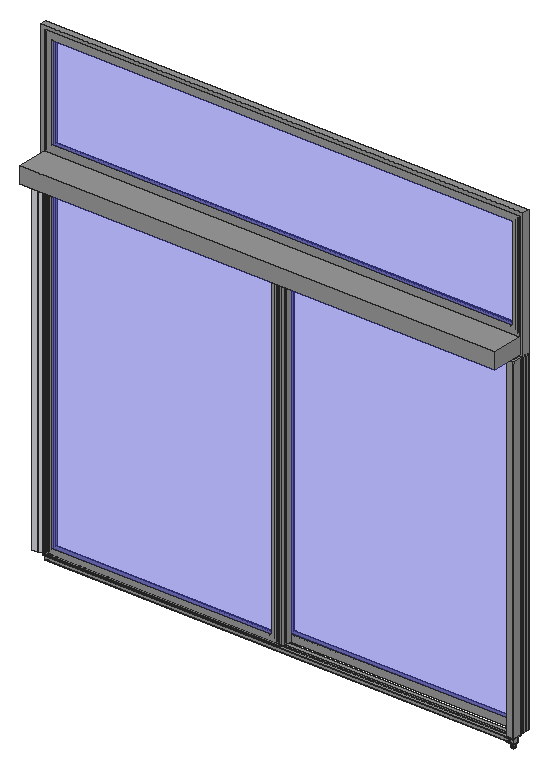
Revit family "Door-Sliding-DORMA-ST_FLEX_Green-Single_Panel", category Türen, Revit 2016
Family settings
  Basisbauteil = Wand
  OmniClass-Nummer = 23.30.10.00
  OmniClass-Titel = Doors
  Immer vertikal = Ja
  Beim Laden mit Abzugskörper schneiden = Nein
  Gemeinsam genutzt = Nein
  Raumberechnungspunkt = Nein
Parameters
  WindLoadResistance = "n/a"
  Width (mm) = 0
  Width [instance] = 3000.00 mm
  WeightNet [instance] = "n/a"
  WarrantyStartDate = "n/a"
  WarrantyGuarantorParts = "n/a"
  WarrantyGuarantorLabor = "n/a"
  WarrantyDurationUnit = "n/a"
  WarrantyDurationParts = "n/a"
  WarrantyDurationLabour = "n/a"
  WarrantyDescription = "n/a"
  WallRequirements = "Masonry to DIN 1053-1: Nominal thickness larger than 115 mm, Mortar group II, Crushing resistance of brickwork larger 12; Steel concrete to DIN 1045:  Nominal thickness larger 100 mm, Strength class B15"
  Version = 10
  Uniclass2 = "SS-25-30-20-77"
  URL = ""
  UNSPC name = "Elkraftsutrustning och tillbehör"
  UNSPC code = "26"
  UNSPC category = ""
  Track offset [instance] = 67.00 mm
  Top unit Height [instance] = 800.00 mm
  Top Frame height [instance] = Top unit Height - 23.00 mm - 100.00 mm  # 677.00 mm
  ThermalTransmittance = "1.4 to 1.8"
  Technical description = "http://www.dorma.com/gb/en/products/opening_closing/automatic_sliding_special_doors/st_flex_green_en/index-23222-23245-66691.html"
  Technical Leaflet = "http://www.dorma.com/gb/en/products/opening_closing/automatic_sliding_special_doors/st_flex_green_en/index-23222-23245-66691.html"
  TagNumber [instance] = "n/a"
  SustainabilityPerformance = "n/a"
  SupplyVoltage = "230 V"
  SupplyVolatageFrequence = "50/60 Hz"
  StructuralTolerance = 0.00 mm
  Specification Text = "http://www.dorma.com/gb/en/products/opening_closing/automatic_sliding_special_doors/st_flex_green_en/index-23222-23245-66691.html"
  SmokeStop = "n/a"
  SlidingDoorOperator = "DORMA ES 200, ES 200-D (Escape Route)"
  SidePanelRight [instance] = yes
  SidePanelLeft [instance] = yes
  Shutter Width_1 [instance] = LW - 43.60 mm  # 1456.40 mm
  Shutter Width 2 [instance] = Width - LW  # 1500.00 mm
  Shape = "Rectangle"
  ServiceLifeType = "n/a"
  ServiceLifeDuration = "n/a"
  SerialNumber [instance] = "n/a"
  Sensor = "Combined sensors to DIN 18650 and EN 16005"
  SecurityRating = "n/a"
  SafetyScreen [instance] = "Optional ST FLEX safety screen"
  SafetyDevices = "Self-regulating safety system monitoring all door movements including closing force. Auto reverse function if the doors make contact with an obstruction during the closing cycle (infrared threshold safety sensor)."
  SKGClass = "n/a"
  Revision = 10
  Remark = ""
  Reference = "n/a"
  ProtectionWing [instance] = "n/a"
  ProtectionClass = "IP 20"
  ProgrammFunctions = "Off,  Automatic, Permanent Open, Partial Open, Exit Only, Night-/Bank Function"
  Profile system = "DORMA Profile System ST FLEX"
  ProductInformation = "www.dorma.com"
  Product certification = "http://www.dorma.com/gb/en/products/opening_closing/automatic_sliding_special_doors/st_flex_green_en/index-23222-23245-66691.html"
  Product SKU = ""
  PowerConsumption = "180 to 250 W"
  OutputVoltage = "24 V"
  Options = "Parametrisation via PDA, Emergency opening/closing (only with rechargeable battery pack), 24 V output for external accessories, Bell contact"
  OperatorHeight = 0.00 mm
  OperatorDepth = 0.00 mm
  OpeningStyle = "Sliding"
  OpeningSpeed = "10 to 75 cm/s"
  OpeningClosingForceMax = "150 N"
  Opening Actual [instance] = if(Opening < 75.00 mm, 75.00 mm, if(Opening > Width / 2, Width / 2, Opening))  # 75.00 mm
  Opening [instance] = 0.00 mm
  NumberOfLeafs [instance] = 1
  NominalWidth = "n/a"
  NominalLength = "n/a"
  NominalHeight = "n/a"
  Name = "Sliding Door System ST-FLEX Green"
  NBSReference = "25-30-20-77"
  NBSNote = "n/a"
  NBSDescription = "Sliding Doorset Systems"
  MonitoringSystem = "n/a"
  ModelReference = "ST-FLEX"
  ModelNumber = "n/a"
  ModelLabel = "ST-FLEX Green"
  Material secondary = "Steel"
  Material main = "Metal"
  Material = "Metall"
  ManufacturerURL = "www.dorma.com"
  Manufacturer country = "Germany"
  Manufacturer EMail = ""
  Hersteller = "DORMA"
  Locking = "Electromechanical locking device (bistable), Manual lock release for electromechanical locking device, Read-out error log with error codes, Pharmacy Function"
  LW [instance] = 1500.00 mm
  Wandabschluss = Nach Basisbauteil
  IsoCode = "ISO 9001"
  IsExternal = yes
  IsAutomaticReversing = yes
  InstallationDate [instance] = "n/a"
  Installation instructions = ""
  IfcExportType = "IfcDoorStyle"
  IfcExportAs = "IfcDoor"
  IFC Classification = "Door"
  HoldOpenTime = "0 to 180 s"
  Hersteller = "DORMA Deutschland GmbH"
  Height (mm) = 0
  Height [instance] = 2100.00 mm
  Hardware = "n/a"
  HandicapAccessible = "n/a"
  Grade = "n/a"
  GlazingAreaFraction = "n/a"
  GlassType = "n/a"
  GlassRange = "n/a"
  Glass Material = Glass
  Frame Material = Aluminum 5005
  FloorRail = "Continuous floor-integrated guide rail. The floor guide rail is always required and has to be provided by others!"
  FireRating = "n/a"
  FireExit = no
  FireAlarmRequirements = "n/a"
  Finish = "n/a"
  Features = "n/a"
  FanlightOptions = "one-piece, two-part, 3-part version"
  FanlightDivision [instance] = 3
  Fanlight [instance] = yes
  ExpectedLife = "1000000 operation cycles"
  EscapeRoute = no
  EnergyLevel = "n/a"
  EmergencyPowerSupply = "Rechargeable battery pack (optional)"
  ElectricalRequirements  = "The electrical contractor shall provide a 240-volt AC mains spur to the right-hand side of the opening above and on the same face that each drive unit is fitted. The spur must be switched and fused with a central flex outlet faceplate. A 10 amp residual circuit breaker at the mains board and a 5-amp fuse at the spur shall protect the circuit."
  Edition number = "0"
  EPD Certification = "http://www.dorma.com/gb/en/products/opening_closing/automatic_sliding_special_doors/st_flex_green_en/index-23222-23245-66691.html"
  EAN code = ""
  DurationUnit = "n/a"
  DoorPanelWeightMax = "max. 1 x 200 kg"
  DoorNo = ""
  DoorID = ""
  Documentation = "n/a"
  DocumentReference = "www.dorma.com"
  DetailNr = ""
  Design country = "Germany"
  Depth (mm) = 0
  Date of publishing = ""
  Constituents = "n/a"
  Colour = "n/a"
  CodePerformance = "EN 16005, DIN 18650, EnEV 2009, EN ISO 10077, ISO 14025"
  ClosingSpeed = "10 to 50 cm/s"
  ClearPassageWidthMin = 0.00 mm
  ClearPassageWidthMax = 0.00 mm
  ClearPassageHeightMin = 0.00 mm
  ClearPassageHeightMax = 0.00 mm
  Category = "Sliding Doors"
  BusConnection = "Protocol DORMA Connect and Work"
  BreakageProtection = "n/a"
  Beschreibung = "Energy saving automatic sliding door system ST-FLEX Green"
  Barcode [instance] = "n/a"
  BIMobject QR code url = ""
  BIMobject Category = "Doors"
  BIMObjectName = "Door-Sliding-DORMA-ST_FLEX_Green-Double_Panel"
  Author = "n/a"
  AssetType = "n/a"
  AssetIdentifier [instance] = "n/a"
  AdmissibleTemperature = "-20 to + 60 °C"
  AdmissibleHumidity = "max. 93 %"
  Activation = "DORMA Prosecure Opti Combi combined radar activation and threshold infrared safety sensor, Hard wired or wireless wall switch actuation satin stainless steel 150 x 150mm (Option), Slimline jamb switch satin stainless steel 115 x 45mm (Option), Link to access control (By others). DORMA require a normally open volt free contact momentarily closed on receipt of a valid signal from the access control system (Option)\n"
  AcousticRating = "n/a"
  AccessibilityPerformance = "n/a"
Reference planes
  plane 1 "Centre(F/B)": y = 0
  plane 2 "Centre (L/R)": x = -235
  plane 3: z = 2100
  plane 4 "Exterior": y = 75
  plane 5 "Interior": y = -75
  plane 6 "Track": y = -67
  plane 7: z = 2900
  plane 8: x = -1735
  plane 9: x = 1265
  plane 10: x = -1660
  plane 11: x = -1666
Forms (mm)
  Sweep 1, solid, material "Aluminum 5005" <- "Frame Material"
    path origin (0, -75, 0) x (1, 0, 0) y (0, 0, 1)
      loop
        line (-1712, 2100) -> (1242, 2100)
    profile origin (-235, -75, 2100) x (0, 0, 1) y (0, -1, 0)
      loop
        line (100, -96) -> (100, 136.5) -> (0, 136.5) -> (0, -96) -> (100, -96)
  Sweep 2, solid, material "Aluminum 5005" <- "Frame Material"
    path origin (0, -67, 0) x (-1, 0, 0) y (0, 0, 1)
      loop
        line (-1223.928, 0) -> (1660, 0)
    profile origin (-218.036, -67, 0) x (0, 0, 1) y (0, 1, 0)
      loop
        line (-11, 9.4) -> (-11, 6)
        arc (-11, 6) -> (-10.414, 4.586) -> (-9, 4) r 2
        line (-9, 4) -> (-2, 4)
        arc (-2, 4) -> (-0.586, 4.586) -> (0, 6) r 2
        line (0, 6) -> (0, 33.966) -> (-1.5, 33.966) -> (-1.5, 7.5)
        arc (-1.5, 7.5) -> (-2.086, 6.086) -> (-3.5, 5.5) r 2
        line (-3.5, 5.5) -> (-7.5, 5.5)
        arc (-7.5, 5.5) -> (-8.914, 6.086) -> (-9.5, 7.5) r 2
        line (-9.5, 7.5) -> (-9.5, 10.9)
        arc (-9.5, 10.9) -> (-10.086, 12.314) -> (-11.5, 12.9) r 2
        line (-11.5, 12.9) -> (-34.5, 12.9)
        arc (-34.5, 12.9) -> (-35.914, 12.314) -> (-36.5, 10.9) r 2
        line (-36.5, 10.9) -> (-36.5, -10.9)
        arc (-36.5, -10.9) -> (-35.914, -12.314) -> (-34.5, -12.9) r 2
        line (-34.5, -12.9) -> (-11.5, -12.9)
        arc (-11.5, -12.9) -> (-10.086, -12.314) -> (-9.5, -10.9) r 2
        line (-9.5, -10.9) -> (-9.5, -7.5)
        arc (-9.5, -7.5) -> (-8.914, -6.086) -> (-7.5, -5.5) r 2
        line (-7.5, -5.5) -> (-3.5, -5.5)
        arc (-3.5, -5.5) -> (-2.086, -6.086) -> (-1.5, -7.5) r 2
        line (-1.5, -7.5) -> (-1.5, -30) -> (0, -30) -> (0, -6)
        arc (0, -6) -> (-0.586, -4.586) -> (-2, -4) r 2
        line (-2, -4) -> (-9, -4)
        arc (-9, -4) -> (-10.414, -4.586) -> (-11, -6) r 2
        line (-11, -6) -> (-11, -9.4)
        arc (-11, -9.4) -> (-11.586, -10.814) -> (-13, -11.4) r 2
        line (-13, -11.4) -> (-33, -11.4)
        arc (-33, -11.4) -> (-34.414, -10.814) -> (-35, -9.4) r 2
        line (-35, -9.4) -> (-35, 9.4)
        arc (-35, 9.4) -> (-34.414, 10.814) -> (-33, 11.4) r 2
        line (-33, 11.4) -> (-13, 11.4)
        arc (-13, 11.4) -> (-11.586, 10.814) -> (-11, 9.4) r 2
  Sweep 3, solid, material "Aluminum 5005" <- "Frame Material"
    path origin (0, 0, 0) x (1, 0, 0) y (0, 0, 1)
      loop
        line (1265, 0) -> (1265, 2900) -> (-1735, 2900) -> (-1735, 0)
    profile origin (-1735, 0, 1450) x (0, -1, 0) y (1, 0, 0)
      loop
        line (21, 23) -> (-21, 23) -> (-21, 0) -> (21, 0) -> (21, 23)
  Sweep 4, solid, material "Aluminum 5005" <- "Frame Material"
    path origin (-1100, 0, 0) x (-1, 0, 0) y (0, 0, 1)
      loop
        line (-865, 2100) -> (-865, 0)
    profile origin (-235, 0, 1050) x (0, -1, 0) y (1, 0, 0)
      loop
        line (18.299, 0) -> (47.142, 0) -> (47.142, 50) -> (18.299, 50) -> (18.299, 0)
  Sweep 5, solid
    path origin (-1031, -67, 0) x (-1, 0, 0) y (0, 0, 1)
      loop
        line (704, 0) -> (704, 2100)
    profile origin (-1735, -67, 1050) x (1, 0, 0) y (0, 1, 0)
      loop
        line (0, 20.5) -> (0, -21.5) -> (35, -21.5) -> (35, -18.5) -> (62, -18.5) -> (62, 18.5) -> (35, 18.5) -> (35, 20.5) -> (0, 20.5)
Lines and regions (mm)
  Opening 1
    outline origin (-3050, -75, 0) x (1, 0, 0) y (0, 0, 1)
      loop
        line (1315, 0) -> (4315, 0) -> (4315, 2900) -> (1315, 2900) -> (1315, 0)
  symbolic lines, style "DoorsFrameMullionProjection"
    curve 1: line (-199, 17.949, 0) -> (1242, 17.949, 0)
    curve 6: line (1242, 21, 0) -> (1242, -21, 0)
    curve 7: line (1242, -21, 0) -> (1265, -21, 0)
    curve 8: line (1265, 21, 0) -> (1242, 21, 0)
    curve 13: line (-235, -211.5, 2100) -> (-235, 21, 2100)
    curve 14: line (-235, -211.5, 2200) -> (-235, -211.5, 2100)
    curve 15: line (-235, 21, 2200) -> (-235, -211.5, 2200)
    curve 16: line (-235, 21, 2100) -> (-235, 21, 2200)
    curve 17: line (-235, 18, 2200) -> (-235, 18, 2876.846)
    curve 18: line (-235, -18.034, 2876.846) -> (-235, -18.034, 2200)
    curve 19: line (-235, -18.086, 0) -> (-235, -18.086, 2100)
    curve 20: line (-235, 17.949, 2100) -> (-235, 17.949, 0)
    curve 30: line (-235, 21, 2900) -> (-235, -21, 2900)
    curve 31: line (-235, 21, 2876.846) -> (-235, 21, 2900)
    curve 32: line (-235, -21, 2876.846) -> (-235, 21, 2876.846)
    curve 33: line (-235, -21, 2900) -> (-235, -21, 2876.846)
    curve 34: line (-203.6, -85.086, 0) -> (-203.6, -47.147, 0)
    curve 35: line (-1735, 75, 0) -> (1265, 75, 0)
    curve 36: line (1265, 75, 0) -> (1265, -75, 0)
    curve 39: line (-1660, -49.051, 0) -> (-1660, -85.086, 0)
    curve 46: line (-235, -18.086, 0) -> (-235, 17.949, 0)
    curve 47: line (-235, -49.051, 0) -> (-235, -49.051, 2100)
    curve 48: line (-235, -85.086, 2100) -> (-235, -85.086, 0)
    curve 53: line (-235, -49.051, 0) -> (-235, -85.086, 0)
    curve 54: line (-203.6, -49.051, 0) -> (-1660, -49.051, 0)
    curve 59: line (-1660, -85.086, 0) -> (-203.6, -85.086, 0)
  symbolic lines, style "DoorsFrameMullionProjection", detail levels coarse+medium
    curve 2: line (-199, 17.975, 0) -> (-235, 17.975, 0)
    curve 3: line (-235, 17.975, 0) -> (-235, -47.142, 0)
    curve 4: line (1242, -18.086, 0) -> (-199, -18.086, 0)
    curve 5: line (-199, -18.086, 0) -> (-199, 17.975, 0)
    curve 60: line (-203.6, -47.147, 0) -> (-185, -47.147, 0)
    curve 61: line (-185, -85.086, 0) -> (-185, -47.147, 0)
    curve 62: line (-203.6, -85.086, 0) -> (-185, -85.086, 0)
    curve 64: line (-185, -47.142, 0) -> (-185, -18.299, 0)
    curve 65: line (-235, -47.142, 0) -> (-185, -47.142, 0)
  symbolic lines, style "DoorsFrameMullionProjection", detail levels medium+fine
    curve 9: line (1242, 14.686, 0) -> (-199, 14.686, 0)
    curve 10: line (-199, -14.789, 0) -> (1242, -14.789, 0)
    curve 21: line (-235, 14.738, 2846.999) -> (-235, 14.738, 2253.001)
    curve 22: line (-235, 7.12, 2846.999) -> (-235, 7.12, 2253.001)
    curve 23: line (-235, -7.12, 2253.001) -> (-235, -7.12, 2846.999)
    curve 24: line (-235, -14.738, 2253.001) -> (-235, -14.738, 2846.999)
    curve 27: line (-235, 14.686, 49.101) -> (-235, 14.686, 2069.499)
    curve 28: line (-235, -14.789, 2069.499) -> (-235, -14.789, 49.101)
    curve 29: line (-235, 21, 2200) -> (-235, -14.738, 2200)
    curve 37: line (1265, 17.949, 0) -> (1265, -18.086, 0)
    curve 40: line (-235, -18.034, 2846.999) -> (-235, 18, 2846.999)
    curve 41: line (-235, -18.034, 2253.001) -> (-235, 18, 2253.001)
    curve 42: line (-235, -18.086, 2069.499) -> (-235, 17.949, 2069.499)
    curve 43: line (-235, -85.086, 2070) -> (-235, -49.051, 2070)
    curve 44: line (-235, -18.086, 49.101) -> (-235, 17.949, 49.101)
    curve 45: line (-235, -49.051, 49.001) -> (-235, -85.086, 49.001)
    curve 49: line (-235, -52.314, 2070) -> (-235, -52.314, 49.001)
    curve 52: line (-235, -81.789, 49.001) -> (-235, -81.789, 2070)
    curve 55: line (-203.6, -74.171, 0) -> (-1631, -74.171, 0)
    curve 56: line (-1631, -59.932, 0) -> (-203.6, -59.932, 0)
    curve 57: line (-1631, -52.314, 0) -> (-203.6, -52.314, 0)
    curve 58: line (-203.6, -81.789, 0) -> (-1631, -81.789, 0)
    curve 63: line (-1631, -49.051, 0) -> (-1631, -85.086, 0)
  symbolic lines, style "DoorsFrameMullionProjection", detail levels fine
    curve 11: line (1242, 7.068, 0) -> (-199, 7.068, 0)
    curve 12: line (-199, -7.171, 0) -> (1242, -7.171, 0)
    curve 25: line (-235, 7.068, 49.101) -> (-235, 7.068, 2069.499)
    curve 26: line (-235, -7.171, 2069.499) -> (-235, -7.171, 49.101)
    curve 50: line (-235, -59.932, 2070) -> (-235, -59.932, 49.001)
    curve 51: line (-235, -74.171, 49.001) -> (-235, -74.171, 2070)
  symbolic lines, style "DoorsHiddenLines", detail levels medium+fine
    curve 38: line (1223.928, -67, 0) -> (-1735, -67, 0)
Text (mm)
  text "Exterior" at (-2295.016, 1099.543, 0), in view "Ref. Level"
  text "Exterior" at (0, 1615.38, 3698.081), in view "Left"
  text "Exterior" at (0, 1036.032, 3874.932), in view "Right"
Dimensions and locks
  "Height": plane 3 to host wall
  host wall to plane 3 = 2100.00 mm  (x2)
  locked: plane 4 "Exterior" to host wall at 0
  locked: plane 5 "Interior" to host wall
  "Top unit Height": plane 7 to plane 3
  "Track offset": plane 6 "Track" to host wall
  locked: plane 3 to nested 8 at 12.5
  locked: Sweep 3 to Sweep 1 sketch curve at 232.5
  locked: profile plane to Sweep 1 sketch curve at 100
  "Width": plane 8 to plane 9
  "Opening Actual": plane 8 to plane 10
  locked: plane 11 to plane 10 at 6
  "LW": plane 8 to plane 2 "Centre (L/R)"
  locked: curve 34 to curve 61 at 18.6
  aligned and locked: Opening 1 sketch curve to level
  aligned and locked: host wall to plane 1 "Centre(F/B)"
  aligned and locked: plane 3 to Sweep 1 sketch curve
  aligned and locked: Opening 1 sketch curve to plane 7
  aligned and locked: nested 1 to level
  aligned and locked: Sweep 2 sketch curve to level
  aligned and locked: level to nested 2
  aligned and locked: plane 6 "Track" to nested 2
  aligned and locked: plane 6 "Track" to nested 1
  aligned and locked: nested 2 to Sweep 2 sketch curve
  aligned and locked: nested 3 to plane 6 "Track"
  aligned and locked: nested 4 to plane 6 "Track"
  aligned and locked: nested 5 to host wall
  aligned and locked: level to Sweep 3 sketch curve
  aligned and locked: Sweep 3 sketch curve to plane 7
  aligned and locked: nested 6 to Sweep 1
  aligned and locked: Sweep 3 to Sweep 1
  aligned and locked: nested 7 to plane 7
  aligned and locked: host wall to nested 7
  aligned and locked: nested 8 to host wall
  aligned and locked: nested 9 to nested 3
  aligned and locked: plane 3 to nested 9
  aligned and locked: nested 10 to plane 1 "Centre(F/B)"
  aligned and locked: level to nested 10
  aligned and locked: nested 11 to level
  aligned and locked: plane 6 "Track" to nested 11
  aligned and locked: nested 12 to plane 1 "Centre(F/B)"
  aligned and locked: nested 13 to nested 5
  aligned and locked: curve 13 to Sweep 1
  aligned and locked: curve 14 to Sweep 1
  aligned and locked: Sweep 1 to curve 15
  aligned and locked: curve 33 to Sweep 3
  aligned and locked: curve 31 to Sweep 3
  aligned and locked: plane 7 to Sweep 3
  aligned and locked: Sweep 3 to nested 14
  aligned and locked: nested 14 to plane 3
  aligned and locked: level to nested 5
  aligned and locked: nested 4 to level
  aligned and locked: nested 3 to level
  aligned and locked: plane 3 to Sweep 4 sketch curve
  aligned and locked: level to Sweep 4 sketch curve
  aligned and locked: nested 16 to nested 15
  aligned and locked: nested 15 to nested 4
  aligned and locked: nested 17 to plane 6 "Track"
  aligned and locked: Sweep 3 to nested 6
  aligned and locked: nested 18 to plane 6 "Track"
  aligned and locked: nested 19 to level
  aligned and locked: nested 19 to nested 17
  aligned and locked: level to Sweep 5 sketch curve
  aligned and locked: plane 3 to Sweep 5 sketch curve
  aligned and locked: plane 8 to Opening 1 sketch curve
  aligned and locked: plane 9 to Opening 1 sketch curve
  aligned and locked: Sweep 3 sketch curve to plane 8
  aligned and locked: Sweep 3 sketch curve to plane 9
  aligned and locked: Sweep 5 to plane 8
  aligned and locked: plane 10 to nested 4
  aligned and locked: nested 18 to plane 10
  aligned and locked: plane 10 to nested 3
  aligned and locked: plane 2 "Centre (L/R)" to nested 13
  aligned and locked: Sweep 4 to plane 2 "Centre (L/R)"
  aligned and locked: curve 3 to Sweep 4
  aligned and locked: plane 2 "Centre (L/R)" to nested 5
  aligned and locked: plane 9 to nested 12
  aligned and locked: curve 37 to plane 9
  aligned and locked: nested 2 to plane 9
  aligned and locked: nested 1 to plane 9
  aligned and locked: plane 10 to Sweep 2 sketch curve
  aligned and locked: nested 6 to Sweep 3
  aligned and locked: Sweep 3 to Sweep 1 sketch curve  (x2)
  aligned and locked: curve 35 to host wall
  aligned and locked: plane 4 "Exterior" to curve 35
  aligned and locked: curve 36 to plane 9
  aligned and locked: host wall to plane 8
  aligned and locked: nested 17 to Sweep 5
  aligned and locked: nested 20 to plane 1 "Centre(F/B)"
  aligned and locked: nested 20 to Sweep 1
  aligned and locked: curve 40 to nested 7
  aligned and locked: curve 41 to nested 20
  aligned and locked: curve 43 to nested 9
  aligned and locked: curve 44 to nested 10
  aligned and locked: curve 45 to nested 11
  aligned and locked: Sweep 3 to level
  aligned and locked: curve 47 to nested 4
  aligned and locked: curve 48 to nested 4
  aligned and locked: nested 4 to curve 49
  aligned and locked: nested 4 to curve 50
  aligned and locked: nested 4 to curve 51
  aligned and locked: nested 4 to curve 52
  aligned and locked: level to Sweep 5
  aligned and locked: nested 4 to nested 4  (x4)
  aligned and locked: nested 4 to curve 54
  aligned and locked: nested 4 to curve 55
  aligned and locked: nested 4 to curve 56
  aligned and locked: nested 4 to curve 57
  aligned and locked: curve 58 to nested 4
  aligned and locked: curve 59 to nested 4
  aligned and locked: curve 34 to curve 54
  aligned and locked: nested 4 to curve 62
  aligned and locked: curve 34 to nested 4
  aligned and locked: curve 63 to nested 18
  aligned and locked: plane 8 to curve 38
  aligned and locked: curve 64 to Sweep 4
  aligned and locked: curve 65 to Sweep 4
Automatic sketch dimensions
  profile plane to Sweep 2 sketch curve = 0.00 mm
  Sweep 2 sketch curve to plane 6 "Track" = 30.00 mm
  profile plane to Sweep 2 sketch curve = 1.50 mm
  Sweep 2 sketch curve to Sweep 2 sketch curve = 1.50 mm  (x16)
  profile plane to Sweep 2 sketch curve = 2.00 mm  (x2)
  Sweep 2 sketch curve to Sweep 2 sketch curve = 4.00 mm  (x2)
  Sweep 2 sketch curve to Sweep 2 sketch curve = 0.50 mm  (x8)
  Sweep 2 sketch curve to Sweep 2 sketch curve = 2.00 mm  (x7)
  Sweep 2 sketch curve to Sweep 2 sketch curve = 20.00 mm  (x2)
  Sweep 2 sketch curve to plane 6 "Track" = 9.40 mm
  plane 6 "Track" to Sweep 2 sketch curve = 9.40 mm
  Sweep 2 sketch curve to profile plane = 0.00 mm
  Sweep 2 sketch curve to Sweep 2 sketch curve = 0.00 mm
  Sweep 2 sketch curve to plane 6 "Track" = 12.90 mm
  Sweep 2 sketch curve to Sweep 2 sketch curve = 3.50 mm
  Sweep 2 sketch curve to plane 6 "Track" = 7.50 mm
  Sweep 2 sketch curve to Sweep 2 sketch curve = 1.90 mm  (x2)
  plane 6 "Track" to Sweep 2 sketch curve = 4.00 mm
  Sweep 2 sketch curve to Sweep 2 sketch curve = 21.066 mm
  Sweep 3 sketch curve to level = 0.00 mm
  curve 46 to level = 0.00 mm
  curve 53 to level = 0.00 mm
  curve 30 to plane 7 = 0.00 mm
  host wall to curve 46 = 18.086 mm
  curve 20 to host wall = 17.949 mm
  curve 20 to curve 13 = 3.051 mm
  host wall to curve 40 = 18.034 mm
  curve 42 to curve 28 = 3.297 mm
  curve 18 to curve 29 = 3.297 mm
  curve 41 to curve 24 = 3.297 mm
  host wall to curve 26 = 7.171 mm
  host wall to curve 23 = 7.12 mm
  curve 25 to host wall = 7.068 mm
  curve 22 to host wall = 7.12 mm
  curve 27 to curve 44 = 3.262 mm
  curve 22 to curve 21 = 7.618 mm
  curve 21 to curve 41 = 3.262 mm
  curve 31 to plane 7 = 23.154 mm
  plane 3 to curve 27 = 30.501 mm
  profile plane to Sweep 1 sketch curve = 0.00 mm
  Sweep 1 sketch curve to plane 5 "Interior" = 96.00 mm
  Sweep 3 sketch curve to profile plane = 0.00 mm
  Sweep 3 sketch curve to plane 1 "Centre(F/B)" = 21.00 mm
  Sweep 3 sketch curve to profile plane = 23.00 mm
  plane 1 "Centre(F/B)" to Sweep 3 sketch curve = 21.00 mm
  Sweep 4 sketch curve to plane 2 "Centre (L/R)" = 0.00 mm
  plane 1 "Centre(F/B)" to Sweep 4 sketch curve = 18.299 mm
  Sweep 5 sketch curve to plane 8 = 0.00 mm
  Sweep 5 sketch curve to profile plane = 0.00 mm
  Sweep 5 sketch curve to plane 6 "Track" = 21.50 mm
  Sweep 5 sketch curve to profile plane = 35.00 mm
  Sweep 5 sketch curve to Sweep 5 sketch curve = 35.00 mm
  Sweep 5 sketch curve to Sweep 5 sketch curve = 27.00 mm
  Sweep 5 sketch curve to plane 6 "Track" = 18.50 mm
  plane 6 "Track" to Sweep 5 sketch curve = 18.50 mm  (x2)
  plane 6 "Track" to Sweep 5 sketch curve = 20.50 mm
  curve 38 to plane 6 "Track" = 0.00 mm
  host wall to curve 36 = 0.00 mm
  host wall to curve 7 = 21.00 mm
  host wall to curve 4 = 18.086 mm
  curve 8 to host wall = 21.00 mm
  curve 7 to curve 37 = 2.914 mm
  curve 4 to curve 10 = 3.297 mm
  host wall to curve 12 = 7.171 mm
  curve 11 to host wall = 7.068 mm
  curve 9 to curve 6 = 6.314 mm
  curve 1 to curve 2 = 0.027 mm
  curve 37 to curve 8 = 3.051 mm
  curve 64 to curve 4 = 0.214 mm
  Sweep 4 sketch curve to profile plane = 0.00 mm
  plane 1 "Centre(F/B)" to Sweep 4 sketch curve = 47.142 mm
  Sweep 4 sketch curve to profile plane = 50.00 mm
  curve 5 to host wall = 17.975 mm
  plane 2 "Centre (L/R)" to curve 5 = 36.00 mm
  curve 7 to plane 9 = 23.00 mm
  curve 38 to plane 9 = 41.072 mm
  curve 59 to plane 10 = 0.00 mm
  plane 6 "Track" to curve 61 = 19.853 mm
Nested families
  nested 1: "Bottom Rail Edge" at (1242.409, -67, -2.093) x (-1, 0, 0) z (0, 0, 1), type "Bottom Rail Edge"
  nested 2: "Comp" at (1223.928, -67, 0) x (-1, 0, 0) z (0, 0, 1), Comp Height <- "Height", type "Comp"
    with Comp Height 2100.00 mm
  nested 3: "Family14" at (-1660, -67, 0), H1 <- "Height", type "Family14"
    with H1 2100.00 mm
  nested 4: "Shutter" at (-931.8, -67, 0), type "Moving"
    with Width 1456.40 mm, Height 2100.00 mm
  nested 5: "Shutter" at (515, 0, 0) x (-1, 0, 0) z (0, 0, 1), type "Fixed"
    with Width 1500.00 mm, Height 2100.00 mm
  nested 6: "Family8" at (-863.379, 0, 2199.797), type "Family8"
    with w 2954.001 mm, h 677.00 mm
  nested 7: "Profile 3" at (-2500, 21, 2900) x (0, 1, 0) z (1, 0, 0), type "Profile 3", detail levels fine
  nested 8: "Profile 5" at (-2500, 0, 2112.5) x (0, -1, 0) z (1, 0, 0), type "Profile 5", detail levels fine
  nested 9: "Profile 5 - 1" at (-235, -67, 2100) x (0, 1, 0) z (1, 0, 0), type "Profile 5 - 1", detail levels fine
  nested 10: "Profile 6" at (-235, 0, 0) x (0, -1, 0) z (1, 0, 0), type "Profile 6", detail levels fine
  nested 11: "Profile 6_1" at (-235, -67, 0) x (0, 1, 0) z (1, 0, 0), type "Profile 6_1", detail levels fine
  nested 12: "Profile2" at (1265, 0, 0) x (-1, 0, 0) z (0, 0, 1), type "01_Profile", detail levels fine
  nested 13: "01" at (-235, 17.949, 0) x (-1, 0, 0) z (0, 0, 1), type "01", detail levels fine
  nested 14: "Detail" at (-2500, 21, 2100) x (0, -1, 0) z (1, 0, 0), type "Detail", detail levels fine
  nested 15: "02" at (-235.599, 17.975, 0) x (-1, 0, 0) z (0, 0, 1), type "02", detail levels fine
  nested 16: "Family5" at (-222.389, -66.156, 0) x (-1, 0, 0) z (0, 0, 1), type "Family5"
    with H 2100.00 mm
  nested 17: "02_profile" at (-1735, -67, 0), type "01_Profile", detail levels fine
  nested 18: "Profile 4" at (-1660, -67, 0) x (0, -1, 0) z (0, 0, 1), type "Profile 4", detail levels fine
  nested 19: "Family14" at (-1673, -67, 0) x (-1, 0, 0) z (0, 0, 1), H1 <- "Height", type "Family14"
    with H1 2100.00 mm
  nested 20: "Profile 3" at (-2500, 21, 2200) x (0, 1, 0) z (1, 0, 0), type "Profile 3", detail levels fine
Definition of nested family "Bottom Rail Edge"
  Parameters
    Frame Material = none
  Reference planes
    plane 1 "Center (Front/Back)": y = 0
    plane 2: z = 0
    plane 3 "Center (Left/Right)": x = 0
  Forms (mm)
    Extrusion 1, solid, material <- "Frame Material"
      sketch origin (486.155, 280.024, 0) x (1, 0, 0) y (0, 1, 0)
        loop
          line (-503.745, -310.024) -> (-467.745, -310.024) -> (-467.745, -284.024) -> (-470.745, -284.024) -> (-470.745, -291.424) -> (-493.745, -291.424) -> (-493.745, -268.624) -> (-470.745, -268.624) -> (-470.745, -274.024) -> (-467.745, -274.024) -> (-467.745, -250.024) -> (-503.718, -250.024)
          arc (-503.718, -250.024) -> (-507.271, -251.478) -> (-508.745, -255.024) r 5
          line (-508.745, -255.024) -> (-508.745, -305.024)
          arc (-508.745, -305.024) -> (-507.281, -308.559) -> (-503.745, -310.024) r 5
      from 0 to 2.093
    Extrusion 2, solid, material <- "Frame Material"
      sketch origin (0, 0, 0) x (1, 0, 0) y (0, 1, 0)
        loop
          line (-4.591, 11.4) -> (12.409, 11.4)
          arc (12.409, 11.4) -> (14.531, 10.521) -> (15.409, 8.4) r 3
          line (15.409, 8.4) -> (15.409, 6) -> (16.625, 6) -> (16.625, 12.484)
          arc (16.625, 12.484) -> (15.888, 14.263) -> (14.108, 15) r 2.516
          line (14.108, 15) -> (-10.375, 15)
          arc (-10.375, 15) -> (-12.497, 14.121) -> (-13.375, 12) r 3
          line (-13.375, 12) -> (-13.375, -12)
          arc (-13.375, -12) -> (-12.497, -14.121) -> (-10.375, -15) r 3
          line (-10.375, -15) -> (13.841, -15)
          arc (13.841, -15) -> (15.809, -14.185) -> (16.625, -12.216) r 2.784
          line (16.625, -12.216) -> (16.625, -4) -> (15.409, -4) -> (15.409, -8.4)
          arc (15.409, -8.4) -> (14.531, -10.521) -> (12.409, -11.4) r 3
          line (12.409, -11.4) -> (-4.591, -11.4)
          arc (-4.591, -11.4) -> (-6.712, -10.521) -> (-7.591, -8.4) r 3
          line (-7.591, -8.4) -> (-7.591, 8.4)
          arc (-7.591, 8.4) -> (-6.712, 10.521) -> (-4.591, 11.4) r 3
      from -37 to 0
    Extrusion 3, solid, material <- "Frame Material"
      sketch origin (0, 0, 0) x (1, 0, 0) y (0, 1, 0)
        loop
          arc (-10.375, 15) -> (-12.497, 14.121) -> (-13.375, 12) r 3
          line (-13.375, 12) -> (-13.375, -12)
          arc (-13.375, -12) -> (-12.497, -14.121) -> (-10.375, -15) r 3
          line (-10.375, -15) -> (13.625, -15)
          arc (13.625, -15) -> (15.746, -14.121) -> (16.625, -12) r 3
          line (16.625, -12) -> (16.625, 12)
          arc (16.625, 12) -> (15.746, 14.121) -> (13.625, 15) r 3
          line (13.625, 15) -> (-10.375, 15)
      from -37 to -38.232
    Revolve 4, solid, material <- "Frame Material"
      sketch origin (0, 0, 0) x (1, 0, 0) y (0, 0, 1)
        loop
          line (0, -63.232) -> (10.75, -63.232) -> (12.5, -56.232) -> (10.75, -56.232) -> (12.5, -49.232) -> (10.75, -49.232) -> (12.5, -42.233) -> (10.942, -42.233) -> (10.75, -38.232) -> (0, -38.232) -> (0, -63.232)
        axis (0, -63.232) -> (0, -38.232)
      angle from 0 to 360
  Dimensions and locks
    aligned and locked: level to plane 2
    aligned and locked: Extrusion 3 to Extrusion 2
    aligned and locked: level to Extrusion 2
    aligned and locked: Extrusion 1 to level
    aligned and locked: Revolve 4 to Extrusion 3
Definition of nested family "Comp"
  Parameters
    Frame Material = none
    Comp Height [instance] = 327.089 mm
  Reference planes
    plane 1 "Center (Front/Back)": y = 0
    plane 2: z = 0
    plane 3 "Center (Left/Right)": x = 0
    plane 4: z = 327.089
  Forms (mm)
    Extrusion 1, solid, material <- "Frame Material"
      sketch origin (0, 0, 0) x (1, 0, 0) y (0, 1, 0)
        loop
          line (-36.078, -30) -> (0, -30) -> (0, -4) -> (-3, -4) -> (-3, -11.4) -> (-26, -11.4) -> (-26, 11.4) -> (-3, 11.4) -> (-3, 6) -> (0, 6) -> (0, 30) -> (-36.072, 30)
          arc (-36.072, 30) -> (-39.607, 28.536) -> (-41.072, 25) r 5
          line (-41.072, 25) -> (-41.072, -25)
          arc (-41.072, -25) -> (-39.609, -28.533) -> (-36.078, -30) r 5
      from 0 to 327.089
  Dimensions and locks
    "Comp Height": plane 4 to level
    aligned and locked: level to plane 2
    aligned and locked: plane 4 to Extrusion 1
    aligned and locked: Extrusion 1 to level
  Automatic sketch dimensions
    Extrusion 1 sketch curve to plane 3 "Center (Left/Right)" = 0.00 mm  (x2)
    plane 1 "Center (Front/Back)" to Extrusion 1 sketch curve = 30.00 mm
    Extrusion 1 sketch curve to plane 3 "Center (Left/Right)" = 36.072 mm
    Extrusion 1 sketch curve to plane 3 "Center (Left/Right)" = 36.078 mm
    Extrusion 1 sketch curve to Extrusion 1 sketch curve = 5.00 mm  (x2)
    Extrusion 1 sketch curve to plane 1 "Center (Front/Back)" = 25.00 mm
    Extrusion 1 sketch curve to plane 3 "Center (Left/Right)" = 3.00 mm  (x2)
    Extrusion 1 sketch curve to plane 1 "Center (Front/Back)" = 6.00 mm
    Extrusion 1 sketch curve to Extrusion 1 sketch curve = 5.40 mm
    Extrusion 1 sketch curve to Extrusion 1 sketch curve = 10.072 mm
    Extrusion 1 sketch curve to Extrusion 1 sketch curve = 7.40 mm
    plane 1 "Center (Front/Back)" to Extrusion 1 sketch curve = 4.00 mm
Definition of nested family "Family14"
  Parameters
    H1 [instance] = 2200.454 mm
    Frame Material = none
  Reference planes
    plane 1 "Center (Front/Back)": y = 0
    plane 2: z = 0
    plane 3 "Center (Left/Right)": x = 0
    plane 4: z = 2200.454
  Forms (mm)
    Extrusion 1, solid, material <- "Frame Material"
      sketch origin (-538.542, -121.125, 0) x (-1, 0, 0) y (0, -1, 0)
        loop
          line (-538.542, -106.608) -> (-538.542, -135.642)
          arc (-538.542, -135.642) -> (-538.265, -136.333) -> (-537.586, -136.641) r 1
          line (-537.586, -136.641) -> (-536.062, -136.707)
          arc (-536.062, -136.707) -> (-535.346, -136.529) -> (-534.842, -135.988) r 1.3
          line (-534.842, -135.988) -> (-530.947, -128.176)
          arc (-530.947, -128.176) -> (-530.545, -126.008) -> (-531.354, -123.957) r 4
          line (-531.354, -123.957) -> (-533.666, -120.943)
          arc (-533.666, -120.943) -> (-534.322, -119.665) -> (-534.483, -118.236) r 4
          line (-534.483, -118.236) -> (-533.694, -106.663)
          arc (-533.694, -106.663) -> (-533.908, -106.062) -> (-534.492, -105.808) r 0.8
          line (-534.492, -105.808) -> (-537.742, -105.808)
          arc (-537.742, -105.808) -> (-538.308, -106.043) -> (-538.542, -106.608) r 0.8
      from 0 to 2200.454
  Dimensions and locks
    "H1": plane 4 to level
    aligned and locked: level to plane 2
    aligned and locked: plane 4 to Extrusion 1
    aligned and locked: Extrusion 1 to level
  Automatic sketch dimensions
    Extrusion 1 sketch curve to plane 3 "Center (Left/Right)" = 0.00 mm
    Extrusion 1 sketch curve to plane 3 "Center (Left/Right)" = 2.48 mm
    Extrusion 1 sketch curve to plane 1 "Center (Front/Back)" = 15.582 mm
    Extrusion 1 sketch curve to plane 3 "Center (Left/Right)" = 0.80 mm
    Extrusion 1 sketch curve to plane 3 "Center (Left/Right)" = 0.956 mm
    Extrusion 1 sketch curve to Extrusion 1 sketch curve = 1.22 mm
    Extrusion 1 sketch curve to Extrusion 1 sketch curve = 3.25 mm
    Extrusion 1 sketch curve to plane 3 "Center (Left/Right)" = 4.059 mm
    Extrusion 1 sketch curve to Extrusion 1 sketch curve = 0.798 mm
    plane 1 "Center (Front/Back)" to Extrusion 1 sketch curve = 0.182 mm
    Extrusion 1 sketch curve to Extrusion 1 sketch curve = 0.817 mm
    Extrusion 1 sketch curve to plane 1 "Center (Front/Back)" = 2.832 mm
    Extrusion 1 sketch curve to Extrusion 1 sketch curve = 2.312 mm
    Extrusion 1 sketch curve to Extrusion 1 sketch curve = 0.406 mm
    Extrusion 1 sketch curve to plane 3 "Center (Left/Right)" = 1.00 mm
    Extrusion 1 sketch curve to Extrusion 1 sketch curve = 0.057 mm
    Extrusion 1 sketch curve to Extrusion 1 sketch curve = 3.173 mm
    plane 1 "Center (Front/Back)" to Extrusion 1 sketch curve = 2.617 mm
    Extrusion 1 sketch curve to Extrusion 1 sketch curve = 3.991 mm
    Extrusion 1 sketch curve to Extrusion 1 sketch curve = 0.067 mm
    Extrusion 1 sketch curve to Extrusion 1 sketch curve = 0.719 mm
    Extrusion 1 sketch curve to Extrusion 1 sketch curve = 4.22 mm
    Extrusion 1 sketch curve to Extrusion 1 sketch curve = 11.574 mm
    Extrusion 1 sketch curve to Extrusion 1 sketch curve = 0.054 mm
Definition of nested family "Shutter"
  Parameters
    Width = 1900.00 mm
    Height = 2200.031 mm
    Glass Material = none
    Frame Materail = none
  Reference planes
    plane 1 "Center (Front/Back)": y = 0
    plane 2: z = 0
    plane 3 "Center (Left/Right)": x = 0
    plane 4: x = -950
    plane 5: z = 2200.031
    plane 6: x = 950
  Forms (mm)
    Extrusion 1, solid, material <- "Glass Material"
      sketch origin (1072.109, 1.287, -620.014) x (1, 0, 0) y (0, 0, 1)
        loop
          line (-1996.521, 2794.456) -> (-1996.521, 645.571) -> (-147.698, 645.571) -> (-147.698, 2794.456) -> (-1996.521, 2794.456)
      from 8.458 to 16.075
    Extrusion 2, solid, material <- "Glass Material"
      sketch origin (1072.109, 11.287, -620.014) x (1, 0, 0) y (0, 0, 1)
        loop
          line (-1996.552, 2794.487) -> (-1996.552, 645.571) -> (-147.667, 645.571) -> (-147.667, 2794.487) -> (-1996.552, 2794.487)
      from -3.4 to 4.218
    Sweep 3, solid, material <- "Frame Materail"
      path origin (-1503.89, -75.051, -1291.601) x (-1, 0, 0) y (0, 0, -1)
        loop
          line (-2453.89, -3491.632) -> (-553.89, -3491.632) -> (-553.89, -1291.601) -> (-2453.89, -1291.601) -> (-2453.89, -3491.632)
      profile origin (0, -75.051, 2200.031) x (0, 0, -1) y (0, -1, 0)
        loop
          line (44.592, -93) -> (44.592, -89.113) -> (25.588, -89.113) -> (25.588, -60.99) -> (44.592, -60.99) -> (44.592, -56.966) -> (0, -56.966) -> (0, -67.88) -> (3.083, -67.88) -> (3.083, -60.262) -> (14.238, -60.262) -> (14.238, -89.738) -> (3.083, -89.738) -> (3.083, -82.12) -> (0, -82.12) -> (0, -93) -> (44.592, -93)
  Dimensions and locks
    "Height": plane 5 to level
    equal spacing: plane 6, plane 3 "Center (Left/Right)", plane 4
    "Width": plane 6 to plane 4
    aligned and locked: level to plane 2
    aligned and locked: Extrusion 2 sketch curve to Extrusion 1
    aligned and locked: Sweep 3 sketch curve to plane 5
    aligned and locked: Sweep 3 sketch curve to level
    aligned and locked: Sweep 3 sketch curve to plane 4
    aligned and locked: Extrusion 1 sketch curve to Sweep 3  (x2)
    aligned and locked: plane 6 to Sweep 3 sketch curve
    aligned and locked: Sweep 3 to Extrusion 1 sketch curve
  Automatic sketch dimensions
    level to Extrusion 1 sketch curve = 25.557 mm
    plane 4 to Extrusion 2 sketch curve = 25.557 mm
    profile plane to Sweep 3 sketch curve = 0.00 mm  (x2)
    Sweep 3 sketch curve to profile plane = 44.592 mm
    Sweep 3 sketch curve to profile plane = 93.00 mm
    Sweep 3 sketch curve to profile plane = 3.083 mm  (x2)
    Sweep 3 sketch curve to Sweep 3 sketch curve = 11.155 mm
    Sweep 3 sketch curve to Sweep 3 sketch curve = 11.351 mm
    Sweep 3 sketch curve to Sweep 3 sketch curve = 19.003 mm
    Sweep 3 sketch curve to Sweep 3 sketch curve = 3.262 mm
    Sweep 3 sketch curve to Sweep 3 sketch curve = 3.887 mm
    Sweep 3 sketch curve to Sweep 3 sketch curve = 7.618 mm
    Sweep 3 sketch curve to Sweep 3 sketch curve = 14.24 mm
    Sweep 3 sketch curve to Sweep 3 sketch curve = 28.123 mm
    Sweep 3 sketch curve to Sweep 3 sketch curve = 0.727 mm
    Sweep 3 sketch curve to Sweep 3 sketch curve = 4.024 mm
    Extrusion 2 sketch curve to plane 6 = 25.557 mm
    Extrusion 2 sketch curve to plane 5 = 25.557 mm
Definition of nested family "Family8"
  Parameters
    w [instance] = 1600.00 mm
    h = 750.00 mm
    Glass = none
    Frame = none
  Reference planes
    plane 1 "Center (Front/Back)": y = 0
    plane 2: z = 0
    plane 3 "Center (Left/Right)": x = 0
    plane 4: x = -848.622
    plane 5: x = 751.378
  Forms (mm)
    Sweep 1, solid, material <- "Frame"
      path origin (-745.536, -75, -2275.203) x (-1, 0, 0) y (0, 0, -1)
        loop
          line (-1496.914, -3025.407) -> (103.086, -3025.407) -> (103.086, -2275.203) -> (-1496.914, -2275.203) -> (-1496.914, -3025.407)
      profile origin (-48.622, -75, 750.203) x (0, 0, -1) y (0, -1, 0)
        loop
          line (44.795, -93) -> (44.795, -89.113) -> (25.792, -89.113) -> (25.792, -60.99) -> (44.795, -60.99) -> (44.795, -56.966) -> (0.203, -56.966) -> (0.203, -67.88) -> (3.287, -67.88) -> (3.287, -60.262) -> (14.441, -60.262) -> (14.441, -89.738) -> (3.287, -89.738) -> (3.287, -82.12) -> (0.203, -82.12) -> (0.203, -93) -> (44.795, -93)
    Extrusion 2, solid, material <- "Glass"
      sketch origin (3821.194, -49.849, -1607.152) x (1, 0, 0) y (0, 0, 1)
        loop
          line (-4644.024, 2331.563) -> (-4644.024, 1632.943) -> (-3095.607, 1632.943) -> (-3095.607, 2331.563) -> (-4644.024, 2331.563)
      from -64.587 to -56.969
    Extrusion 3, solid, material <- "Glass"
      sketch origin (3821.194, 43.599, -1607.152) x (1, 0, 0) y (0, 0, -1)
        loop
          line (-4644.024, -2331.563) -> (-3095.607, -2331.563) -> (-3095.607, -1632.943) -> (-4644.024, -1632.943) -> (-4644.024, -2331.563)
      from -57.609 to -50.719
  Dimensions and locks
    "h": Sweep 1 to level
    "w": plane 4 to plane 5
    locked: Extrusion 2 to Extrusion 2 at 7.618
    locked: Extrusion 3 to Extrusion 3 at 6.891
    locked: Extrusion 3 to Extrusion 2 at 14.24
    aligned and locked: level to plane 2
    aligned and locked: Extrusion 3 to Sweep 1  (x3)
    aligned and locked: Extrusion 2 to Sweep 1  (x4)
    aligned and locked: Sweep 1 sketch curve to plane 2
    aligned and locked: plane 5 to Sweep 1 sketch curve
    aligned and locked: Sweep 1 sketch curve to plane 4
  Automatic sketch dimensions
    Sweep 1 sketch curve to profile plane = 0.203 mm  (x2)
    Sweep 1 sketch curve to profile plane = 44.795 mm
    Sweep 1 sketch curve to profile plane = 93.00 mm
    Sweep 1 sketch curve to Sweep 1 sketch curve = 3.083 mm
    Sweep 1 sketch curve to profile plane = 3.287 mm
    Sweep 1 sketch curve to Sweep 1 sketch curve = 11.155 mm
    Sweep 1 sketch curve to Sweep 1 sketch curve = 11.351 mm
    Sweep 1 sketch curve to Sweep 1 sketch curve = 19.003 mm
    Sweep 1 sketch curve to Sweep 1 sketch curve = 3.262 mm
    Sweep 1 sketch curve to Sweep 1 sketch curve = 3.887 mm
    Sweep 1 sketch curve to Sweep 1 sketch curve = 7.618 mm
    Sweep 1 sketch curve to Sweep 1 sketch curve = 14.24 mm
    Sweep 1 sketch curve to Sweep 1 sketch curve = 28.123 mm
    Sweep 1 sketch curve to Sweep 1 sketch curve = 0.727 mm
    Sweep 1 sketch curve to Sweep 1 sketch curve = 4.024 mm
    level to Extrusion 2 sketch curve = 25.792 mm
    Extrusion 2 sketch curve to plane 3 "Center (Left/Right)" = 822.83 mm
    level to Extrusion 2 sketch curve = 724.412 mm
    plane 3 "Center (Left/Right)" to Extrusion 2 sketch curve = 725.586 mm
    level to Extrusion 3 sketch curve = 25.792 mm
    Extrusion 3 sketch curve to plane 3 "Center (Left/Right)" = 822.83 mm
    level to Extrusion 3 sketch curve = 724.412 mm
    plane 3 "Center (Left/Right)" to Extrusion 3 sketch curve = 725.586 mm
    level to Sweep 1 sketch curve = 750.203 mm
Definition of nested family "Family5"
  Parameters
    H = 2300.00 mm
    Frame Material = none
  Reference planes
    plane 1 "Center (Front/Back)": y = 0
    plane 2: z = 0
    plane 3 "Center (Left/Right)": x = 0
    plane 4: z = 2300
  Forms (mm)
    Sweep 1, solid, material <- "Frame Material"
      path origin (-18, 2.48, 0) x (1, 0, 0) y (0, 0, 1)
        loop
          line (-292.003, 0) -> (-292.003, 2300)
      profile origin (-310.003, 2.48, 1150) x (-1, 0, 0) y (0, -1, 0)
        loop
          line (-286.963, 17.634) -> (-286.963, 12.834) -> (-283.213, 12.834) -> (-283.213, -13.466) -> (-288.713, -13.466) -> (-288.713, -10.966) -> (-293.013, -10.966) -> (-293.013, -10.016) -> (-295.013, -10.016) -> (-295.013, -13.416) -> (-293.013, -13.416) -> (-293.013, -12.466) -> (-290.713, -12.466) -> (-290.713, -15.466) -> (-277.113, -15.466) -> (-275.313, -15.466)
          arc (-275.313, -15.466) -> (-274.96, -15.612) -> (-274.813, -15.966) r 0.5
          line (-274.813, -15.966) -> (-274.813, -19.028)
          arc (-274.813, -19.028) -> (-284.189, -22.526) -> (-291.046, -29.815) r 22
          arc (-291.046, -29.815) -> (-290.869, -30.495) -> (-290.187, -30.327) r 0.5
          arc (-290.187, -30.327) -> (-284.841, -24.555) -> (-277.684, -21.292) r 20
          line (-277.684, -21.292) -> (-275.035, -20.017) -> (-274.613, -41.366) -> (-273.113, -41.366) -> (-273.113, -13.466) -> (-273.113, -4.058)
          arc (-273.113, -4.058) -> (-273.995, 6.189) -> (-276.613, 16.134) r 60
          line (-276.613, 16.134) -> (-280.313, 16.134) -> (-280.313, 14.334) -> (-284.963, 14.334) -> (-284.963, 17.634) -> (-286.963, 17.634)
  Dimensions and locks
    "H": plane 4 to level
    aligned and locked: level to plane 2
  Automatic sketch dimensions
    Sweep 1 sketch curve to plane 4 = 0.00 mm
    Sweep 1 sketch curve to level = 0.00 mm
    Sweep 1 sketch curve to plane 3 "Center (Left/Right)" = 310.003 mm
    Sweep 1 sketch curve to profile plane = 13.416 mm
    profile plane to Sweep 1 sketch curve = 295.013 mm
    Sweep 1 sketch curve to profile plane = 41.366 mm
    Sweep 1 sketch curve to Sweep 1 sketch curve = 2.00 mm  (x6)
    Sweep 1 sketch curve to Sweep 1 sketch curve = 2.30 mm
    Sweep 1 sketch curve to Sweep 1 sketch curve = 6.05 mm
    Sweep 1 sketch curve to Sweep 1 sketch curve = 1.75 mm
    Sweep 1 sketch curve to Sweep 1 sketch curve = 2.90 mm
    Sweep 1 sketch curve to profile plane = 21.292 mm
    Sweep 1 sketch curve to Sweep 1 sketch curve = 5.529 mm
    Sweep 1 sketch curve to Sweep 1 sketch curve = 0.571 mm
    Sweep 1 sketch curve to Sweep 1 sketch curve = 3.70 mm
    Sweep 1 sketch curve to Sweep 1 sketch curve = 1.80 mm
    Sweep 1 sketch curve to profile plane = 20.017 mm
    Sweep 1 sketch curve to Sweep 1 sketch curve = 2.649 mm
    Sweep 1 sketch curve to Sweep 1 sketch curve = 0.50 mm
    Sweep 1 sketch curve to Sweep 1 sketch curve = 3.071 mm
    Sweep 1 sketch curve to Sweep 1 sketch curve = 2.20 mm
    Sweep 1 sketch curve to profile plane = 4.058 mm
    Sweep 1 sketch curve to Sweep 1 sketch curve = 38.10 mm
    Sweep 1 sketch curve to Sweep 1 sketch curve = 0.333 mm
    Sweep 1 sketch curve to Sweep 1 sketch curve = 0.00 mm  (x2)
    Sweep 1 sketch curve to Sweep 1 sketch curve = 0.433 mm
    Sweep 1 sketch curve to Sweep 1 sketch curve = 0.426 mm
    Sweep 1 sketch curve to Sweep 1 sketch curve = 0.014 mm
    Sweep 1 sketch curve to Sweep 1 sketch curve = 1.114 mm
    Sweep 1 sketch curve to Sweep 1 sketch curve = 0.989 mm
    Sweep 1 sketch curve to Sweep 1 sketch curve = 3.063 mm
    Sweep 1 sketch curve to Sweep 1 sketch curve = 0.95 mm  (x2)
    Sweep 1 sketch curve to Sweep 1 sketch curve = 2.50 mm
    Sweep 1 sketch curve to Sweep 1 sketch curve = 3.30 mm  (x2)
    Sweep 1 sketch curve to Sweep 1 sketch curve = 1.50 mm
Definition of nested family "Profile 3"
  Reference planes
    plane 1 "Center (Front/Back)": y = 0
    plane 2: z = 0
    plane 3 "Center (Left/Right)": x = 0
    plane 4: x = -21
  Dimensions and locks
    aligned and locked: import instance to plane 1 "Center (Front/Back)"
    aligned and locked: import instance to plane 3 "Center (Left/Right)"
Definition of nested family "Profile 5"
  Reference planes
    plane 1 "Center (Front/Back)": y = 0
    plane 2: z = 0
    plane 3 "Center (Left/Right)": x = 0
  Dimensions and locks
    aligned and locked: plane 1 "Center (Front/Back)" to import instance
Definition of nested family "Profile 5 - 1"
  Reference planes
    plane 1 "Center (Front/Back)": y = 0
    plane 2: z = 0
    plane 3 "Center (Left/Right)": x = 0
  Dimensions and locks
    aligned and locked: import instance to plane 1 "Center (Front/Back)"
Definition of nested family "Profile 6"
  Reference planes
    plane 1 "Center (Front/Back)": y = 0
    plane 2: z = 0
    plane 3 "Center (Left/Right)": x = 0
  Dimensions and locks
    aligned and locked: plane 1 "Center (Front/Back)" to import instance
Definition of nested family "Profile 6_1"
  Reference planes
    plane 1 "Center (Front/Back)": y = 0
    plane 2: z = 0
    plane 3 "Center (Left/Right)": x = 0
  Dimensions and locks
    locked: plane 1 "Center (Front/Back)" to import instance at 6
Definition of nested family "Profile2"
  Reference planes
    plane 1 "Center (Front/Back)": y = 0
    plane 2: z = 0
    plane 3 "Center (Left/Right)": x = 0
  Dimensions and locks
    aligned and locked: plane 3 "Center (Left/Right)" to import instance
Definition of nested family "01"
  Reference planes
    plane 1 "Center (Front/Back)": y = 0
    plane 2: z = 0
    plane 3 "Center (Left/Right)": x = 0
Definition of nested family "Detail"
  Reference planes
    plane 1 "Center (Front/Back)": y = 0
    plane 2: z = 0
    plane 3 "Center (Left/Right)": x = 0
    plane 4: x = 0
  Dimensions and locks
    aligned and locked: import instance to plane 1 "Center (Front/Back)"
    aligned and locked: import instance to plane 4
    aligned and locked: plane 3 "Center (Left/Right)" to plane 4
Definition of nested family "02"
  Reference planes
    plane 1 "Center (Front/Back)": y = 0
    plane 2: z = 0
    plane 3 "Center (Left/Right)": x = 0
    plane 4: x = -31.999
Definition of nested family "02_profile"
  Reference planes
    plane 1 "Center (Front/Back)": y = 0
    plane 2: z = 0
    plane 3 "Center (Left/Right)": x = 0
    plane 4: x = 0
  Dimensions and locks
    aligned and locked: plane 4 to import instance
    aligned and locked: plane 3 "Center (Left/Right)" to plane 4
Definition of nested family "Profile 4"
  Reference planes
    plane 1 "Center (Front/Back)": y = 0
    plane 2: z = 0
    plane 3 "Center (Left/Right)": x = 0
  Dimensions and locks
    aligned and locked: import instance to plane 1 "Center (Front/Back)"
